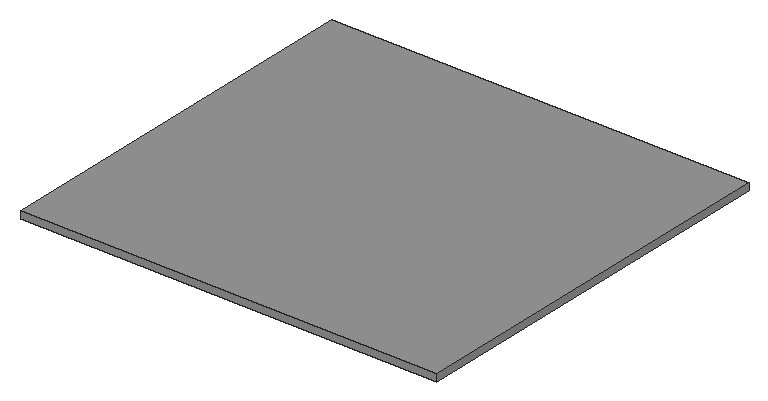
Revit family "ROTHOB_Rothoblaas_Membrane_ClimaControlNet160", category Structural Connections, host Face, Revit 2020
Family settings
  Host = Face
  Material for Model Behavior = Other
  OmniClass Number = 23.13.25.25
  OmniClass Title = Air Barriers
  Enable cutting in views = Yes
  Cut with Voids When Loaded = No
  Shared = No
Parameters (values of type "WIDTHxHEIGHTmm")
  VariableWaterVapourTransmition_Sd = "0,5/5 m"  # constant formula
  WarrantyStartDate [instance] = ""
  WarrantyGuarantorParts = "n/a"  # constant formula
  WarrantyGuarantorLabor = "n/a"  # constant formula
  WarrantyDurationUnit = "n/a"  # constant formula
  WarrantyDurationParts = "n/a"  # constant formula
  WarrantyDurationLabor = "n/a"  # constant formula
  WarrantyDescription = "n/a"  # constant formula
  Version = "2"  # constant formula
  UniClass2015Version = "n/a"  # constant formula
  UniClass2015Title = "n/a"  # constant formula
  UniClass2015Code = "n/a"  # constant formula
  UVStability = "336h (3 months)"  # constant formula
  Tipo IFC predefinito = "USERDEFINED"  # constant formula
  SustainabilityPerformance = "n/a"  # constant formula
  Size = "n/a"  # constant formula
  Shape = "Bidimensional"  # constant formula
  Revision = "n/a"  # constant formula
  ReplacementCost = "n/a"  # constant formula
  ReactionFire = "class E"  # constant formula
  ObjectMaterial = ROTHOB_Rothoblaas_Polyamide_Polypropylene
  NominalWidth = "n/a"  # constant formula
  NominalHeight = "n/a"  # constant formula
  MassUnitArea = "160 g/m2"  # constant formula
  Default Elevation = 1.2192 m
  ProductInformation = "https://www.rothoblaas.com/products/airtightness-and-waterproofing/membranes/clima-control/clima-control-net-160#CLIMA%20CONTROL%20NET%20160"  # constant formula
  OmniClassVersion = "2012-05-16"  # constant formula
  OmniClassTitle = "Air Barriers"  # constant formula
  OmniClassCode = "23.13.25.25"  # constant formula
  NominalLength = "n/a"  # constant formula
  InstallationDate [instance] = ""
  Height_H [instance] = 0.056254 m
  Name = "Membrane"  # constant formula
  ModelReference = "n/a"  # constant formula
  ModelNumber = "n/a"  # constant formula
  ModelDisclaimer = "The latest version of the data sheets can be found on our website"  # constant formula
  Material = "Polyamide and polypropylene"  # constant formula
  ManufacturerURL = "www.rothoblaas.com"  # constant formula
  ManufacturerName = "ROTHO BLAAS SRL"  # constant formula
  Manufacturer = "info@rothoblaas.com"  # constant formula
  IfcExportType = "USERDEFINED"  # constant formula
  IfcExportAs = "IfcBuildingElementProxyType"  # constant formula
  Length_L [instance] = 0.060085 m
  Grade = "n/a"  # constant formula
  Finish = "Polypropylene"  # constant formula
  Features = "Flexible sheets for waterproofing - Plastic and rubber vapour control layers"  # constant formula
  ExpectedLife = "n/a"  # constant formula
  Esporta tipo in formato IFC con nome = "IfcBuildingElementProxyType"  # constant formula
  DurationUnit = "Years"  # constant formula
  Description = "Membrane with variable vapour diffusion and reinforcement grid"  # constant formula
  Constituents = "n/a"  # constant formula
  Color = "Grey"  # constant formula
  CodePerformance = "CE - Construction products"  # constant formula
  Category = "n/a"  # constant formula
  CETitle = "n/a"  # constant formula
  CECode = "EN 13984"  # constant formula
  BIMObjectName = "ROTHOB_Rothoblaas_Membrane_ClimaControlNet160"  # constant formula
  EPDTitle = "n/a"  # constant formula
  EPDCode = "2021M10140"  # constant formula
  Author = "Vitor Ferronato"  # constant formula
  AssetType = "n/a"  # constant formula
  AccessibilityPerformance = "n/a"  # constant formula
Reference planes (m)
  plane 1 "Centro (Fronte/Retro)": y = 0
  plane 2: z = 0
  plane 3 "Centro (Sinistra/Destra)": x = 0
  plane 4: y = 0.028127
  plane 5: y = -0.028127
  plane 6: x = -0.030043
  plane 7: x = 0.030043
Forms (m)
  Extrusion 1, solid, material "ROTHOB_Rothoblaas_Polyamide_Polypropylene" <- "ObjectMaterial"
    sketch origin (0, 0, 0) x (1, 0, 0) y (0, 1, 0)
      loop
        line (-0.030043, 0.028127) -> (-0.030043, -0.028127) -> (0.030043, -0.028127) -> (0.030043, 0.028127) -> (-0.030043, 0.028127)
    from 0 to 0.001
Dimensions and locks (m)
  equal spacing: host sketch curve, plane 3 "Centro (Sinistra/Destra)", host sketch curve
  host sketch curve to host sketch curve = 0.064383 m
  equal spacing: host sketch curve, plane 1 "Centro (Fronte/Retro)", host sketch curve
  host sketch curve to host sketch curve = 0.063286 m
  equal spacing: plane 6, plane 3 "Centro (Sinistra/Destra)", plane 7
  "Length_L": plane 6 to plane 7
  equal spacing: plane 4, plane 1 "Centro (Fronte/Retro)", plane 5
  "Height_H": plane 4 to plane 5
  aligned and locked: plane 2 to host face
  aligned and locked: level to host face
  aligned and locked: Extrusion 1 sketch curve to plane 4
  aligned and locked: Extrusion 1 sketch curve to plane 5
  aligned and locked: plane 7 to Extrusion 1 sketch curve
  aligned and locked: plane 6 to Extrusion 1 sketch curve
